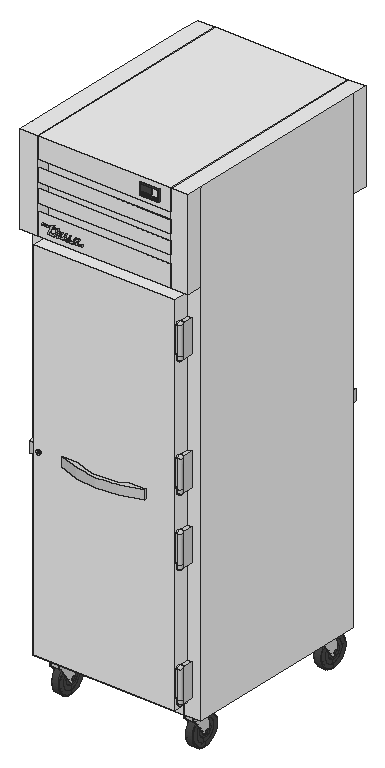
Revit family (continued)
Automatic sketch dimensions
  Extrusion 6 sketch curve to Extrusion 6 sketch curve = 0.0674"
  Extrusion 6 sketch curve to Extrusion 6 sketch curve = 0.0324"
  Extrusion 6 sketch curve to Extrusion 6 sketch curve = 0.26185"
  Extrusion 6 sketch curve to Extrusion 6 sketch curve = 11/256"
  Extrusion 6 sketch curve to Extrusion 6 sketch curve = 0.07366"
  Extrusion 6 sketch curve to Extrusion 6 sketch curve = 0.02187"
  Extrusion 6 sketch curve to Extrusion 6 sketch curve = 0.06479"
  Extrusion 6 sketch curve to Extrusion 6 sketch curve = 0.01183"
  Extrusion 6 sketch curve to Extrusion 6 sketch curve = 0.05778"
  Extrusion 6 sketch curve to Extrusion 6 sketch curve = 0.53375"
  Extrusion 6 sketch curve to Extrusion 6 sketch curve = 0.23098"
  Extrusion 6 sketch curve to Extrusion 6 sketch curve = 0"
  Extrusion 6 sketch curve to Extrusion 6 sketch curve = 0.05045"
  Extrusion 6 sketch curve to Extrusion 6 sketch curve = 0.09139"
  Extrusion 6 sketch curve to Extrusion 6 sketch curve = 29/128"  (x3)
  Extrusion 7 sketch curve to plane 3 "RIGHT" = 3 1/4"
  Extrusion 7 sketch curve to plane 5 "TOP" = 2 1/8"
  plane 2 "LEFT" to Blend 8 sketch curve = 2 9/32"
  Blend 8 sketch curve to Blend 8 sketch curve = 3/4"
  plane 6 to Blend 8 sketch curve = 32.83143"
  Blend 8 sketch curve to Blend 8 sketch curve = 1 3/4"
  Blend 8 sketch curve to plane 2 "LEFT" = 2 9/32"
  Blend 8 sketch curve to Blend 8 sketch curve = 0.93223"
  Blend 8 sketch curve to plane 6 = 30.48383"
  Blend 8 sketch curve to Blend 8 sketch curve = 2.78233"
  Extrusion 9 sketch curve to plane 4 "FRONT" = 11/16"
  Extrusion 9 sketch curve to Extrusion 9 sketch curve = 0.43503"
  Extrusion 9 sketch curve to Extrusion 9 sketch curve = 0.20453"
  Extrusion 9 sketch curve to Extrusion 9 sketch curve = 1.42294"
  Extrusion 9 sketch curve to plane 5 "TOP" = 19.57271"
  Extrusion 9 sketch curve to Extrusion 9 sketch curve = 4.39928"
  Extrusion 9 sketch curve to Extrusion 9 sketch curve = 0.71221"
  Revolve 10 sketch curve to plane 4 "FRONT" = 0.26521"  (x2)
  Revolve 10 sketch curve to Revolve 10 sketch curve = 0.38242"
  Revolve 10 sketch curve to Revolve 10 sketch curve = 0.38436"
  Revolve 10 sketch curve to plane 4 "FRONT" = 43/64"
  Revolve 10 sketch curve to Revolve 10 sketch curve = 0.40666"
  Revolve 10 sketch curve to Revolve 10 sketch curve = 0"
  Revolve 10 sketch curve to plane 5 "TOP" = 18.75492"
  Revolve 10 sketch curve to Revolve 10 sketch curve = 0.55526"
  Revolve 10 sketch curve to Revolve 10 sketch curve = 0.19474"
  Revolve 10 sketch curve to Revolve 10 sketch curve = 0.14649"
  Revolve 10 sketch curve to Revolve 10 sketch curve = 4.42889"
  Revolve 10 sketch curve to Revolve 10 sketch curve = 0.05342"
  Revolve 10 sketch curve to Revolve 10 sketch curve = 0.51246"
  Revolve 10 sketch curve to Revolve 10 sketch curve = 0.05889"
  Extrusion 11 sketch curve to plane 3 "RIGHT" = 1.88366"
  Extrusion 11 sketch curve to Extrusion 11 sketch curve = 0.39759"
  Extrusion 11 sketch curve to plane 5 "TOP" = 19.6514"
  Extrusion 11 sketch curve to Extrusion 11 sketch curve = 4.47281"
  Extrusion 12 sketch curve to plane 4 "FRONT" = 11/16"
  Extrusion 12 sketch curve to Extrusion 12 sketch curve = 0.43503"
  Extrusion 12 sketch curve to Extrusion 12 sketch curve = 0.20453"
  Extrusion 12 sketch curve to Extrusion 12 sketch curve = 1.42294"
  plane 6 to Extrusion 12 sketch curve = 38.92729"
  Extrusion 12 sketch curve to Extrusion 12 sketch curve = 4.39928"
  Extrusion 12 sketch curve to Extrusion 12 sketch curve = 0.71221"
  Revolve 13 sketch curve to plane 4 "FRONT" = 0.26521"  (x2)
  Revolve 13 sketch curve to Revolve 13 sketch curve = 0.38242"
  Revolve 13 sketch curve to Revolve 13 sketch curve = 0.38436"
  Revolve 13 sketch curve to plane 4 "FRONT" = 43/64"
  Revolve 13 sketch curve to Revolve 13 sketch curve = 0.40666"
  Revolve 13 sketch curve to Revolve 13 sketch curve = 0"
  Revolve 13 sketch curve to plane 5 "TOP" = 38.25492"
  Revolve 13 sketch curve to Revolve 13 sketch curve = 0.55526"
  Revolve 13 sketch curve to Revolve 13 sketch curve = 0.19474"
  Revolve 13 sketch curve to Revolve 13 sketch curve = 0.14649"
  Revolve 13 sketch curve to Revolve 13 sketch curve = 4.42889"
  Revolve 13 sketch curve to Revolve 13 sketch curve = 0.05342"
  Revolve 13 sketch curve to Revolve 13 sketch curve = 0.51246"
  Revolve 13 sketch curve to Revolve 13 sketch curve = 0.05889"
  Extrusion 14 sketch curve to plane 3 "RIGHT" = 1.88366"
  Extrusion 14 sketch curve to Extrusion 14 sketch curve = 0.39759"
  plane 6 to Extrusion 14 sketch curve = 38.8486"
  Extrusion 14 sketch curve to Extrusion 14 sketch curve = 4.47281"
  Extrusion 15 sketch curve to plane 4 "FRONT" = 11/16"
  Extrusion 15 sketch curve to Extrusion 15 sketch curve = 0.43503"
  Extrusion 15 sketch curve to Extrusion 15 sketch curve = 0.20453"
  Extrusion 15 sketch curve to Extrusion 15 sketch curve = 1.42294"
  plane 6 to Extrusion 15 sketch curve = 27.92729"
  Extrusion 15 sketch curve to Extrusion 15 sketch curve = 4.39928"
  Extrusion 15 sketch curve to Extrusion 15 sketch curve = 0.71221"
  Revolve 16 sketch curve to plane 4 "FRONT" = 0.26521"  (x2)
  Revolve 16 sketch curve to Revolve 16 sketch curve = 0.38242"
  Revolve 16 sketch curve to Revolve 16 sketch curve = 0.38436"
  Revolve 16 sketch curve to plane 4 "FRONT" = 43/64"
  Revolve 16 sketch curve to Revolve 16 sketch curve = 0.40666"
  Revolve 16 sketch curve to Revolve 16 sketch curve = 0"
  plane 6 to Revolve 16 sketch curve = 28.74508"
  Revolve 16 sketch curve to Revolve 16 sketch curve = 0.55526"
  Revolve 16 sketch curve to Revolve 16 sketch curve = 0.19474"
  Revolve 16 sketch curve to Revolve 16 sketch curve = 0.14649"
  Revolve 16 sketch curve to Revolve 16 sketch curve = 4.42889"
  Revolve 16 sketch curve to Revolve 16 sketch curve = 0.05342"
  Revolve 16 sketch curve to Revolve 16 sketch curve = 0.51246"
  Revolve 16 sketch curve to Revolve 16 sketch curve = 0.05889"
  Extrusion 17 sketch curve to plane 3 "RIGHT" = 1.88366"
  Extrusion 17 sketch curve to Extrusion 17 sketch curve = 0.39759"
  plane 6 to Extrusion 17 sketch curve = 27.8486"
  Extrusion 17 sketch curve to Extrusion 17 sketch curve = 4.47281"
  Extrusion 18 sketch curve to plane 4 "FRONT" = 11/16"
  Extrusion 18 sketch curve to Extrusion 18 sketch curve = 0.43503"
  Extrusion 18 sketch curve to Extrusion 18 sketch curve = 0.20453"
  Extrusion 18 sketch curve to Extrusion 18 sketch curve = 1.42294"
  plane 6 to Extrusion 18 sketch curve = 8.17729"
  plane 6 to Extrusion 18 sketch curve = 3.57348"
  Extrusion 18 sketch curve to Extrusion 18 sketch curve = 0.71221"
  Revolve 19 sketch curve to plane 4 "FRONT" = 0.26521"  (x2)
  Revolve 19 sketch curve to Revolve 19 sketch curve = 0.38242"
  Revolve 19 sketch curve to Revolve 19 sketch curve = 0.38436"
  Revolve 19 sketch curve to plane 4 "FRONT" = 43/64"
  Revolve 19 sketch curve to Revolve 19 sketch curve = 0.40666"
  Revolve 19 sketch curve to Revolve 19 sketch curve = 0"
  plane 6 to Revolve 19 sketch curve = 8.99508"
  Revolve 19 sketch curve to Revolve 19 sketch curve = 0.55526"
  Revolve 19 sketch curve to Revolve 19 sketch curve = 0.19474"
  Revolve 19 sketch curve to Revolve 19 sketch curve = 0.14649"
  plane 6 to Revolve 19 sketch curve = 3.62689"
  Revolve 19 sketch curve to Revolve 19 sketch curve = 0.05342"
  Revolve 19 sketch curve to Revolve 19 sketch curve = 0.51246"
  Revolve 19 sketch curve to Revolve 19 sketch curve = 0.05889"
  Extrusion 20 sketch curve to plane 3 "RIGHT" = 1.88366"
  Extrusion 20 sketch curve to Extrusion 20 sketch curve = 0.39759"
  plane 6 to Extrusion 20 sketch curve = 8.0986"
  plane 6 to Extrusion 20 sketch curve = 3.62579"
  Revolve 21 sketch curve to plane 3 "RIGHT" = 4.35148"
  Revolve 21 sketch curve to Revolve 21 sketch curve = 0.48273"
  Revolve 21 sketch curve to Revolve 21 sketch curve = 0.4"
  Revolve 21 sketch curve to Revolve 21 sketch curve = 0"  (x2)
  Revolve 21 sketch curve to Revolve 21 sketch curve = 0.1"  (x2)
  Revolve 21 sketch curve to Revolve 21 sketch curve = 0.16101"
  Revolve 21 sketch curve to Revolve 21 sketch curve = 0.75408"
  Revolve 21 sketch curve to Revolve 21 sketch curve = 0.92798"
  Revolve 21 sketch curve to Revolve 21 sketch curve = 0.06101"
  Revolve 21 sketch curve to Revolve 21 sketch curve = 1/2"
  Revolve 21 sketch curve to Revolve 21 sketch curve = 0.16509"
  Revolve 21 sketch curve to Revolve 21 sketch curve = 0.39592"
  level to Revolve 21 sketch curve = 2 1/2"
  Revolve 21 sketch curve to Revolve 21 sketch curve = 0.29941"  (x2)
  Revolve 21 sketch curve to Revolve 21 sketch curve = 3/4"  (x4)
  Revolve 21 sketch curve to Revolve 21 sketch curve = 0.59652"
  Revolve 21 sketch curve to Revolve 21 sketch curve = 0.60059"
  Extrusion 22 sketch curve to plane 6 = 0.63926"  (x2)
  Extrusion 22 sketch curve to plane 4 "FRONT" = 3.79864"
  Extrusion 22 sketch curve to Extrusion 22 sketch curve = 1/4"  (x2)
  level to Extrusion 22 sketch curve = 2.18736"  (x2)
  Extrusion 22 sketch curve to Extrusion 22 sketch curve = 1.7492"  (x2)
  Extrusion 22 sketch curve to Extrusion 22 sketch curve = 0.50669"  (x2)
  Extrusion 22 sketch curve to Extrusion 22 sketch curve = 2 1/2"  (x2)
  level to Extrusion 22 sketch curve = 2.59003"  (x2)
  Extrusion 22 sketch curve to Extrusion 22 sketch curve = 0.59966"  (x2)
  plane 7 to Extrusion 22 sketch curve = 6.6077"
  Extrusion 22 sketch curve to Extrusion 22 sketch curve = 0.60485"  (x2)
  Extrusion 23 sketch curve to plane 6 = 0.63926"  (x2)
  Extrusion 23 sketch curve to plane 4 "FRONT" = 3.79864"
  Extrusion 23 sketch curve to Extrusion 23 sketch curve = 1/4"  (x2)
  level to Extrusion 23 sketch curve = 2.18736"  (x2)
  Extrusion 23 sketch curve to Extrusion 23 sketch curve = 1.7492"  (x2)
  Extrusion 23 sketch curve to Extrusion 23 sketch curve = 0.50669"  (x2)
  Extrusion 23 sketch curve to Extrusion 23 sketch curve = 2 1/2"  (x2)
  level to Extrusion 23 sketch curve = 2.59003"  (x2)
  Extrusion 23 sketch curve to Extrusion 23 sketch curve = 0.59966"  (x2)
  plane 7 to Extrusion 23 sketch curve = 6.6077"
  Extrusion 23 sketch curve to Extrusion 23 sketch curve = 0.60485"  (x2)
  Revolve 24 sketch curve to plane 6 = 0"
  Revolve 24 sketch curve to plane 6 = 0.63926"
  Revolve 24 sketch curve to plane 3 "RIGHT" = 4.14082"
  Revolve 24 sketch curve to Revolve 24 sketch curve = 1.29707"
  Revolve 24 sketch curve to Revolve 24 sketch curve = 0"
  Revolve 24 sketch curve to Revolve 24 sketch curve = 0.09306"
  plane 6 to Revolve 24 sketch curve = 0.26768"
  Revolve 25 sketch curve to level = 0"
  Revolve 25 sketch curve to plane 6 = 0"
  Revolve 25 sketch curve to plane 3 "RIGHT" = 4.17713"
  level to Revolve 25 sketch curve = 1"
  Revolve 25 sketch curve to plane 3 "RIGHT" = 3 19/32"
  Revolve 25 sketch curve to Revolve 25 sketch curve = 1/4"
  Revolve 25 sketch curve to Revolve 25 sketch curve = 1/2"
  Revolve 25 sketch curve to Revolve 25 sketch curve = 0"
  Revolve 25 sketch curve to Revolve 25 sketch curve = 5/8"
  plane 6 to Revolve 25 sketch curve = 1 25/32"
  Revolve 26 sketch curve to level = 0"
  Revolve 26 sketch curve to plane 6 = 0"
  Revolve 26 sketch curve to plane 3 "RIGHT" = 4.17713"
  level to Revolve 26 sketch curve = 1"
  Revolve 26 sketch curve to plane 3 "RIGHT" = 3 19/32"
  Revolve 26 sketch curve to Revolve 26 sketch curve = 1/4"
  Revolve 26 sketch curve to Revolve 26 sketch curve = 1/2"
  Revolve 26 sketch curve to Revolve 26 sketch curve = 0"
  Revolve 26 sketch curve to Revolve 26 sketch curve = 5/8"
  plane 6 to Revolve 26 sketch curve = 1 25/32"
  Revolve 27 sketch curve to plane 6 = 0"
  Revolve 27 sketch curve to plane 6 = 0.63926"
  Revolve 27 sketch curve to plane 3 "RIGHT" = 4.14082"
  Revolve 27 sketch curve to Revolve 27 sketch curve = 1.29707"
  Revolve 27 sketch curve to Revolve 27 sketch curve = 0"
  Revolve 27 sketch curve to Revolve 27 sketch curve = 0.09306"
  plane 6 to Revolve 27 sketch curve = 0.26768"
  Extrusion 28 sketch curve to plane 6 = 0.63926"  (x2)
  Extrusion 28 sketch curve to plane 4 "FRONT" = 3.79864"
  Extrusion 28 sketch curve to Extrusion 28 sketch curve = 1/4"  (x2)
  Extrusion 28 sketch curve to Extrusion 28 sketch curve = 2 1/2"  (x2)
  Extrusion 28 sketch curve to plane 6 = 0.93273"  (x2)
  Extrusion 28 sketch curve to Extrusion 28 sketch curve = 0.03603"
  plane 7 to Extrusion 28 sketch curve = 6.6077"
  Extrusion 28 sketch curve to plane 6 = 1.24411"
  Revolve 29 sketch curve to plane 3 "RIGHT" = 4.35148"
  Revolve 29 sketch curve to Revolve 29 sketch curve = 0.48273"
  Revolve 29 sketch curve to Revolve 29 sketch curve = 0.4"
  Revolve 29 sketch curve to Revolve 29 sketch curve = 0"  (x2)
  Revolve 29 sketch curve to Revolve 29 sketch curve = 0.1"  (x2)
  Revolve 29 sketch curve to Revolve 29 sketch curve = 0.16101"
  Revolve 29 sketch curve to Revolve 29 sketch curve = 0.75408"
  Revolve 29 sketch curve to Revolve 29 sketch curve = 0.92798"
  Revolve 29 sketch curve to Revolve 29 sketch curve = 0.06101"
  Revolve 29 sketch curve to Revolve 29 sketch curve = 1/2"
  Revolve 29 sketch curve to Revolve 29 sketch curve = 0.16509"
  Revolve 29 sketch curve to Revolve 29 sketch curve = 0.39592"
  level to Revolve 29 sketch curve = 2 1/2"
  Revolve 29 sketch curve to Revolve 29 sketch curve = 0.29941"  (x2)
  Revolve 29 sketch curve to Revolve 29 sketch curve = 3/4"  (x4)
  Revolve 29 sketch curve to Revolve 29 sketch curve = 0.59652"
  Revolve 29 sketch curve to Revolve 29 sketch curve = 0.60059"
  plane 2 "LEFT" to Revolve 30 sketch curve = 1.33602"
  Revolve 30 sketch curve to Revolve 30 sketch curve = 0.48273"
  Revolve 30 sketch curve to Revolve 30 sketch curve = 0.4"
  Revolve 30 sketch curve to Revolve 30 sketch curve = 0"  (x2)
  Revolve 30 sketch curve to Revolve 30 sketch curve = 0.1"  (x2)
  Revolve 30 sketch curve to Revolve 30 sketch curve = 0.16101"
  Revolve 30 sketch curve to Revolve 30 sketch curve = 0.75408"
  Revolve 30 sketch curve to Revolve 30 sketch curve = 0.92798"
  Revolve 30 sketch curve to Revolve 30 sketch curve = 0.06101"
  Revolve 30 sketch curve to Revolve 30 sketch curve = 1/2"
  Revolve 30 sketch curve to Revolve 30 sketch curve = 0.16509"
  Revolve 30 sketch curve to Revolve 30 sketch curve = 0.39592"
  level to Revolve 30 sketch curve = 2 1/2"
  Revolve 30 sketch curve to Revolve 30 sketch curve = 0.29941"  (x2)
  Revolve 30 sketch curve to Revolve 30 sketch curve = 3/4"  (x4)
  Revolve 30 sketch curve to Revolve 30 sketch curve = 0.59652"
  Revolve 30 sketch curve to Revolve 30 sketch curve = 0.60059"
  Extrusion 31 sketch curve to plane 6 = 0.63926"  (x2)
  Extrusion 31 sketch curve to plane 4 "FRONT" = 3.79864"
  Extrusion 31 sketch curve to Extrusion 31 sketch curve = 1/4"  (x2)
  level to Extrusion 31 sketch curve = 2.18736"  (x2)
  Extrusion 31 sketch curve to Extrusion 31 sketch curve = 1.7492"  (x2)
  Extrusion 31 sketch curve to Extrusion 31 sketch curve = 0.50669"  (x2)
  Extrusion 31 sketch curve to Extrusion 31 sketch curve = 2 1/2"  (x2)
  level to Extrusion 31 sketch curve = 2.59003"  (x2)
  Extrusion 31 sketch curve to Extrusion 31 sketch curve = 0.59966"  (x2)
  plane 7 to Extrusion 31 sketch curve = 6.6077"
  Extrusion 31 sketch curve to Extrusion 31 sketch curve = 0.60485"  (x2)
  Extrusion 32 sketch curve to plane 6 = 0.63926"  (x2)
  Extrusion 32 sketch curve to plane 4 "FRONT" = 3.79864"
  Extrusion 32 sketch curve to Extrusion 32 sketch curve = 1/4"  (x2)
  level to Extrusion 32 sketch curve = 2.18736"  (x2)
  Extrusion 32 sketch curve to Extrusion 32 sketch curve = 1.7492"  (x2)
  Extrusion 32 sketch curve to Extrusion 32 sketch curve = 0.50669"  (x2)
  Extrusion 32 sketch curve to Extrusion 32 sketch curve = 2 1/2"  (x2)
  level to Extrusion 32 sketch curve = 2.59003"  (x2)
  Extrusion 32 sketch curve to Extrusion 32 sketch curve = 0.59966"  (x2)
  plane 7 to Extrusion 32 sketch curve = 6.6077"
  Extrusion 32 sketch curve to Extrusion 32 sketch curve = 0.60485"  (x2)
  Revolve 33 sketch curve to plane 6 = 0"
  Revolve 33 sketch curve to plane 6 = 0.63926"
  plane 2 "LEFT" to Revolve 33 sketch curve = 1.54668"
  Revolve 33 sketch curve to Revolve 33 sketch curve = 1.29707"
  Revolve 33 sketch curve to Revolve 33 sketch curve = 0"
  Revolve 33 sketch curve to Revolve 33 sketch curve = 0.09306"
  plane 6 to Revolve 33 sketch curve = 0.26768"
  Revolve 34 sketch curve to level = 0"
  Revolve 34 sketch curve to plane 6 = 0"
  plane 2 "LEFT" to Revolve 34 sketch curve = 1.51037"
  level to Revolve 34 sketch curve = 1"
  plane 2 "LEFT" to Revolve 34 sketch curve = 2 3/32"
  Revolve 34 sketch curve to Revolve 34 sketch curve = 1/4"
  Revolve 34 sketch curve to Revolve 34 sketch curve = 1/2"
  Revolve 34 sketch curve to Revolve 34 sketch curve = 0"
  Revolve 34 sketch curve to Revolve 34 sketch curve = 5/8"
  plane 6 to Revolve 34 sketch curve = 1 25/32"
  Revolve 35 sketch curve to level = 0"
  Revolve 35 sketch curve to plane 6 = 0"
  plane 2 "LEFT" to Revolve 35 sketch curve = 1.51037"
  level to Revolve 35 sketch curve = 1"
  plane 2 "LEFT" to Revolve 35 sketch curve = 2 3/32"
  Revolve 35 sketch curve to Revolve 35 sketch curve = 1/4"
  Revolve 35 sketch curve to Revolve 35 sketch curve = 1/2"
  Revolve 35 sketch curve to Revolve 35 sketch curve = 0"
  Revolve 35 sketch curve to Revolve 35 sketch curve = 5/8"
  plane 6 to Revolve 35 sketch curve = 1 25/32"
  Revolve 36 sketch curve to plane 6 = 0"
  Revolve 36 sketch curve to plane 6 = 0.63926"
  plane 2 "LEFT" to Revolve 36 sketch curve = 1.54668"
  Revolve 36 sketch curve to Revolve 36 sketch curve = 1.29707"
  Revolve 36 sketch curve to Revolve 36 sketch curve = 0"
  Revolve 36 sketch curve to Revolve 36 sketch curve = 0.09306"
  plane 6 to Revolve 36 sketch curve = 0.26768"
  Extrusion 37 sketch curve to plane 6 = 0.63926"  (x2)
  Extrusion 37 sketch curve to plane 4 "FRONT" = 3.79864"
  Extrusion 37 sketch curve to Extrusion 37 sketch curve = 1/4"  (x2)
  Extrusion 37 sketch curve to Extrusion 37 sketch curve = 2 1/2"  (x2)
  Extrusion 37 sketch curve to plane 6 = 0.93273"  (x2)
  Extrusion 37 sketch curve to Extrusion 37 sketch curve = 0.03603"
  plane 7 to Extrusion 37 sketch curve = 6.6077"
  Extrusion 37 sketch curve to plane 6 = 1.24411"
  plane 2 "LEFT" to Revolve 38 sketch curve = 1.33602"
  Revolve 38 sketch curve to Revolve 38 sketch curve = 0.48273"
  Revolve 38 sketch curve to Revolve 38 sketch curve = 0.4"
  Revolve 38 sketch curve to Revolve 38 sketch curve = 0"  (x2)
  Revolve 38 sketch curve to Revolve 38 sketch curve = 0.1"  (x2)
  Revolve 38 sketch curve to Revolve 38 sketch curve = 0.16101"
  Revolve 38 sketch curve to Revolve 38 sketch curve = 0.75408"
  Revolve 38 sketch curve to Revolve 38 sketch curve = 0.92798"
  Revolve 38 sketch curve to Revolve 38 sketch curve = 0.06101"
  Revolve 38 sketch curve to Revolve 38 sketch curve = 1/2"
  Revolve 38 sketch curve to Revolve 38 sketch curve = 0.16509"
  Revolve 38 sketch curve to Revolve 38 sketch curve = 0.39592"
  level to Revolve 38 sketch curve = 2 1/2"
  Revolve 38 sketch curve to Revolve 38 sketch curve = 0.29941"  (x2)
  Revolve 38 sketch curve to Revolve 38 sketch curve = 3/4"  (x4)
  Revolve 38 sketch curve to Revolve 38 sketch curve = 0.59652"
  Revolve 38 sketch curve to Revolve 38 sketch curve = 0.60059"
  Extrusion 39 sketch curve to plane 3 "RIGHT" = 2 55/64"
  Extrusion 39 sketch curve to plane 3 "RIGHT" = 3/64"
  plane 7 to Extrusion 39 sketch curve = 2 3/4"
  plane 7 to Extrusion 39 sketch curve = 3/16"
  plane 2 "LEFT" to Extrusion 40 sketch curve = 3/64"
  plane 7 to Extrusion 40 sketch curve = 3/16"
  Extrusion 40 sketch curve to Extrusion 40 sketch curve = 2 13/16"
  Extrusion 40 sketch curve to Extrusion 40 sketch curve = 2 9/16"
  plane 7 to Extrusion 41 sketch curve = 0.67295"
  Extrusion 41 sketch curve to Extrusion 41 sketch curve = 0.43503"
  Extrusion 41 sketch curve to Extrusion 41 sketch curve = 0.20453"
  Extrusion 41 sketch curve to Extrusion 41 sketch curve = 1 7/16"
  Extrusion 41 sketch curve to plane 5 "TOP" = 19.57271"
  Extrusion 41 sketch curve to Extrusion 41 sketch curve = 4.39928"
  Extrusion 41 sketch curve to Extrusion 41 sketch curve = 0.71221"
  plane 7 to Revolve 42 sketch curve = 0.25067"  (x2)
  Revolve 42 sketch curve to Revolve 42 sketch curve = 0.38242"
  Revolve 42 sketch curve to Revolve 42 sketch curve = 0.38436"
  plane 7 to Revolve 42 sketch curve = 0.65733"
  Revolve 42 sketch curve to Revolve 42 sketch curve = 0.40666"
  Revolve 42 sketch curve to Revolve 42 sketch curve = 0"
  Revolve 42 sketch curve to plane 5 "TOP" = 18.75492"
  Revolve 42 sketch curve to Revolve 42 sketch curve = 0.55526"
  Revolve 42 sketch curve to Revolve 42 sketch curve = 0.19474"
  Revolve 42 sketch curve to Revolve 42 sketch curve = 0.14649"
  Revolve 42 sketch curve to Revolve 42 sketch curve = 4.42889"
  Revolve 42 sketch curve to Revolve 42 sketch curve = 0.05342"
  Revolve 42 sketch curve to Revolve 42 sketch curve = 0.51246"
  Revolve 42 sketch curve to Revolve 42 sketch curve = 0.05889"
  plane 2 "LEFT" to Extrusion 43 sketch curve = 1.88366"
  Extrusion 43 sketch curve to Extrusion 43 sketch curve = 0.39759"
  Extrusion 43 sketch curve to plane 5 "TOP" = 19.6514"
  Extrusion 43 sketch curve to Extrusion 43 sketch curve = 4.47281"
  plane 7 to Extrusion 44 sketch curve = 0.67295"
  Extrusion 44 sketch curve to Extrusion 44 sketch curve = 0.43503"
  Extrusion 44 sketch curve to Extrusion 44 sketch curve = 0.20453"
  Extrusion 44 sketch curve to Extrusion 44 sketch curve = 1 7/16"
  plane 6 to Extrusion 44 sketch curve = 38.92729"
  Extrusion 44 sketch curve to Extrusion 44 sketch curve = 4.39928"
  Extrusion 44 sketch curve to Extrusion 44 sketch curve = 0.71221"
  plane 7 to Revolve 45 sketch curve = 0.25067"  (x2)
  Revolve 45 sketch curve to Revolve 45 sketch curve = 0.38242"
  Revolve 45 sketch curve to Revolve 45 sketch curve = 0.38436"
  plane 7 to Revolve 45 sketch curve = 0.65733"
  Revolve 45 sketch curve to Revolve 45 sketch curve = 0.40666"
  Revolve 45 sketch curve to Revolve 45 sketch curve = 0"
  Revolve 45 sketch curve to plane 5 "TOP" = 38.25492"
  Revolve 45 sketch curve to Revolve 45 sketch curve = 0.55526"
  Revolve 45 sketch curve to Revolve 45 sketch curve = 0.19474"
  Revolve 45 sketch curve to Revolve 45 sketch curve = 0.14649"
  Revolve 45 sketch curve to Revolve 45 sketch curve = 4.42889"
  Revolve 45 sketch curve to Revolve 45 sketch curve = 0.05342"
  Revolve 45 sketch curve to Revolve 45 sketch curve = 0.51246"
  Revolve 45 sketch curve to Revolve 45 sketch curve = 0.05889"
  plane 2 "LEFT" to Extrusion 46 sketch curve = 1.88366"
  Extrusion 46 sketch curve to Extrusion 46 sketch curve = 0.39759"
  plane 6 to Extrusion 46 sketch curve = 38.8486"
  Extrusion 46 sketch curve to Extrusion 46 sketch curve = 4.47281"
  plane 7 to Extrusion 47 sketch curve = 0.67295"
  Extrusion 47 sketch curve to Extrusion 47 sketch curve = 0.43503"
  Extrusion 47 sketch curve to Extrusion 47 sketch curve = 0.20453"
  Extrusion 47 sketch curve to Extrusion 47 sketch curve = 1 7/16"
  plane 6 to Extrusion 47 sketch curve = 27.92729"
  Extrusion 47 sketch curve to Extrusion 47 sketch curve = 4.39928"
  Extrusion 47 sketch curve to Extrusion 47 sketch curve = 0.71221"
  plane 7 to Revolve 48 sketch curve = 0.25066"  (x2)
  Revolve 48 sketch curve to Revolve 48 sketch curve = 0.38242"
  Revolve 48 sketch curve to Revolve 48 sketch curve = 0.38436"
  plane 7 to Revolve 48 sketch curve = 0.65733"
  Revolve 48 sketch curve to Revolve 48 sketch curve = 0.40666"
  Revolve 48 sketch curve to Revolve 48 sketch curve = 0"
  plane 6 to Revolve 48 sketch curve = 28.74508"
  Revolve 48 sketch curve to Revolve 48 sketch curve = 0.55526"
  Revolve 48 sketch curve to Revolve 48 sketch curve = 0.19474"
  Revolve 48 sketch curve to Revolve 48 sketch curve = 0.14649"
  Revolve 48 sketch curve to Revolve 48 sketch curve = 4.42889"
  Revolve 48 sketch curve to Revolve 48 sketch curve = 0.05342"
  Revolve 48 sketch curve to Revolve 48 sketch curve = 0.51246"
  Revolve 48 sketch curve to Revolve 48 sketch curve = 0.05889"
  plane 2 "LEFT" to Extrusion 49 sketch curve = 1.88366"
  Extrusion 49 sketch curve to Extrusion 49 sketch curve = 0.39759"
  plane 6 to Extrusion 49 sketch curve = 27.8486"
  Extrusion 49 sketch curve to Extrusion 49 sketch curve = 4.47281"
  plane 7 to Extrusion 50 sketch curve = 0.67295"
  Extrusion 50 sketch curve to Extrusion 50 sketch curve = 0.43503"
  Extrusion 50 sketch curve to Extrusion 50 sketch curve = 0.20453"
  Extrusion 50 sketch curve to Extrusion 50 sketch curve = 1 7/16"
  plane 6 to Extrusion 50 sketch curve = 8.17729"
  plane 6 to Extrusion 50 sketch curve = 3.57348"
  Extrusion 50 sketch curve to Extrusion 50 sketch curve = 0.71221"
  plane 7 to Revolve 51 sketch curve = 0.25066"  (x2)
  Revolve 51 sketch curve to Revolve 51 sketch curve = 0.38242"
  Revolve 51 sketch curve to Revolve 51 sketch curve = 0.38436"
  plane 7 to Revolve 51 sketch curve = 0.65733"
  Revolve 51 sketch curve to Revolve 51 sketch curve = 0.40666"
  Revolve 51 sketch curve to Revolve 51 sketch curve = 0"
  plane 6 to Revolve 51 sketch curve = 8.99508"
  Revolve 51 sketch curve to Revolve 51 sketch curve = 0.55526"
  Revolve 51 sketch curve to Revolve 51 sketch curve = 0.19474"
  Revolve 51 sketch curve to Revolve 51 sketch curve = 0.14649"
  plane 6 to Revolve 51 sketch curve = 3.62689"
  Revolve 51 sketch curve to Revolve 51 sketch curve = 0.05342"
  Revolve 51 sketch curve to Revolve 51 sketch curve = 0.51246"
  Revolve 51 sketch curve to Revolve 51 sketch curve = 0.05889"
  plane 2 "LEFT" to Extrusion 52 sketch curve = 1.88366"
  Extrusion 52 sketch curve to Extrusion 52 sketch curve = 0.39759"
  plane 6 to Extrusion 52 sketch curve = 8.0986"
  plane 6 to Extrusion 52 sketch curve = 3.62579"
  Blend 53 sketch curve to plane 3 "RIGHT" = 2 9/32"  (x2)
  Blend 53 sketch curve to Blend 53 sketch curve = 3/4"
  plane 6 to Blend 53 sketch curve = 33.35643"
  Blend 53 sketch curve to Blend 53 sketch curve = 1 3/4"
  Blend 53 sketch curve to Blend 53 sketch curve = 0.93223"
  plane 6 to Blend 53 sketch curve = 33.79117"
  Blend 53 sketch curve to Blend 53 sketch curve = 2.78233"
  Extrusion 54 sketch curve to plane 5 "TOP" = 2.55982"
  Extrusion 54 sketch curve to plane 3 "RIGHT" = 7.7246"
  Extrusion 54 sketch curve to Extrusion 54 sketch curve = 2 29/32"
  Extrusion 54 sketch curve to plane 5 "TOP" = 13/16"
  Extrusion 55 sketch curve to plane 5 "TOP" = 3/4"
  Extrusion 55 sketch curve to plane 3 "RIGHT" = 7.7871"
  Extrusion 55 sketch curve to Extrusion 55 sketch curve = 1/16"  (x4)
  Extrusion 55 sketch curve to Extrusion 55 sketch curve = 0.1375"  (x2)
  Extrusion 55 sketch curve to Extrusion 55 sketch curve = 1/4"  (x4)
  Extrusion 55 sketch curve to Extrusion 55 sketch curve = 0.44601"
  Extrusion 55 sketch curve to Extrusion 55 sketch curve = 1/2"  (x2)
  Extrusion 55 sketch curve to Extrusion 55 sketch curve = 0.0035"
  Extrusion 55 sketch curve to Extrusion 55 sketch curve = 1.06923"
  Extrusion 55 sketch curve to plane 5 "TOP" = 0.95"
  Extrusion 55 sketch curve to Extrusion 55 sketch curve = 1"
  Extrusion 55 sketch curve to Extrusion 55 sketch curve = 0.34106"  (x3)
  Extrusion 55 sketch curve to Extrusion 55 sketch curve = 0"
  Extrusion 55 sketch curve to Extrusion 55 sketch curve = 0.26876"
  plane 7 to Extrusion 56 sketch curve = 3/16"
  plane 2 "LEFT" to Extrusion 56 sketch curve = 2 9/32"  (x2)
  Extrusion 56 sketch curve to plane 4 "FRONT" = 3/16"
  Extrusion 56 sketch curve to Extrusion 56 sketch curve = 0.01713"
  Extrusion 56 sketch curve to plane 4 "FRONT" = 0.06697"
  Extrusion 56 sketch curve to plane 3 "RIGHT" = 2.30833"
  Extrusion 56 sketch curve to Extrusion 56 sketch curve = 0.02708"
  Extrusion 56 sketch curve to plane 3 "RIGHT" = 2 9/32"
  plane 7 to Extrusion 56 sketch curve = 0.07688"
  plane 2 "LEFT" to Extrusion 57 sketch curve = 2 9/32"
  Extrusion 57 sketch curve to plane 3 "RIGHT" = 2 9/32"
  Extrusion 57 sketch curve to plane 5 "TOP" = 16 5/32"
  plane 6 to Extrusion 57 sketch curve = 1 29/32"
  plane 2 "LEFT" to Extrusion 58 sketch curve = 2 9/32"
  Extrusion 58 sketch curve to plane 3 "RIGHT" = 2 9/32"
  plane 6 to Extrusion 58 sketch curve = 1 29/32"
  Extrusion 58 sketch curve to plane 5 "TOP" = 16 5/32"
  plane 7 to Extrusion 59 sketch curve = 3/16"  (x2)
  Extrusion 59 sketch curve to plane 3 "RIGHT" = 6.95"
  Extrusion 59 sketch curve to Extrusion 59 sketch curve = 2.37851"  (x2)
  Extrusion 59 sketch curve to Extrusion 59 sketch curve = 4.42149"
  Extrusion 59 sketch curve to Extrusion 59 sketch curve = 0"
  Extrusion 59 sketch curve to plane 7 = 0.0247"
  plane 7 to Extrusion 59 sketch curve = 7.95429"
  Extrusion 59 sketch curve to Extrusion 59 sketch curve = 7.30945"
  Extrusion 60 sketch curve to plane 3 "RIGHT" = 3.04215"
  Extrusion 60 sketch curve to Extrusion 60 sketch curve = 0.02035"
  Extrusion 60 sketch curve to Extrusion 60 sketch curve = 0.0555"
  plane 6 to Extrusion 60 sketch curve = 31.58145"
  Extrusion 60 sketch curve to Extrusion 60 sketch curve = 0.29355"
  Extrusion 60 sketch curve to Extrusion 60 sketch curve = 0.27385"
  plane 2 "LEFT" to Extrusion 61 sketch curve = 2 27/32"
  Extrusion 61 sketch curve to plane 4 "FRONT" = 5.09023"
  plane 2 "LEFT" to Extrusion 62 sketch curve = 2 27/32"
  plane 7 to Extrusion 62 sketch curve = 5.44102"
  Extrusion 63 sketch curve to plane 3 "RIGHT" = 2 27/32"
  plane 7 to Extrusion 63 sketch curve = 5.44102"
  Extrusion 64 sketch curve to plane 3 "RIGHT" = 2 27/32"
  Extrusion 64 sketch curve to plane 4 "FRONT" = 5.09023"
  Extrusion 65 sketch curve to plane 4 "FRONT" = 3/16"  (x2)
  plane 2 "LEFT" to Extrusion 65 sketch curve = 6.95"
  Extrusion 65 sketch curve to Extrusion 65 sketch curve = 2.37851"  (x2)
  Extrusion 65 sketch curve to Extrusion 65 sketch curve = 4.42149"
  Extrusion 65 sketch curve to Extrusion 65 sketch curve = 0"
  plane 4 "FRONT" to Extrusion 65 sketch curve = 0.0247"
  Extrusion 65 sketch curve to plane 4 "FRONT" = 7.95429"
  Extrusion 65 sketch curve to Extrusion 65 sketch curve = 7.30945"
  plane 2 "LEFT" to Extrusion 66 sketch curve = 3.04215"
  Extrusion 66 sketch curve to Extrusion 66 sketch curve = 0.02035"
  Extrusion 66 sketch curve to Extrusion 66 sketch curve = 0.0555"
  plane 6 to Extrusion 66 sketch curve = 31.58145"
  Extrusion 66 sketch curve to Extrusion 66 sketch curve = 0.29355"
  Extrusion 66 sketch curve to Extrusion 66 sketch curve = 0.27385"
  curve 33 to curve 9 = 1.40832"
  curve 8 to curve 39 = 3.12293"
  radius of Extrusion 7 sketch curve = 1/4"
  radius of Extrusion 60 sketch curve = 0.35"
  radius of Extrusion 61 sketch curve = 1 1/2"
  radius of Extrusion 62 sketch curve = 1 1/2"
  radius of Extrusion 63 sketch curve = 1 1/2"
  radius of Extrusion 64 sketch curve = 1 1/2"
  radius of Extrusion 66 sketch curve = 0.35"
Connectors (in)
  electrical at (24.25, 2.5625, 82), driven by "Volts", driven by "Watts"
    settings: on Extrusion 7, index 1, voltage 208 V, apparent load 1500 VA, apparent load phase1 0 VA, apparent load phase2 0 VA, apparent load phase3 0 VA, power factor 1, load classification "Other", number of poles 1, system type 30, power factor state 1, is connector primary yes, connector utility no, sub classification motor no, connector description "Electrical Connection"
